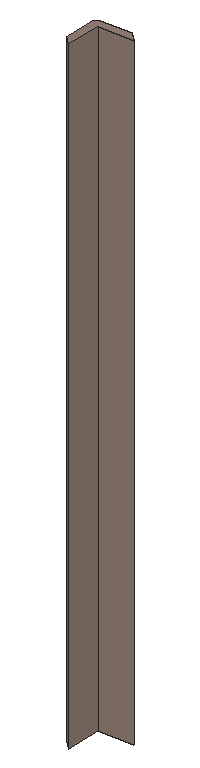
Revit family "GEN_A3-G-Corner-Protector-PVC", category Generic Models, Revit 2015
Parameters (values of type "G Corner Protector")
  Model = "CP"
  Manufacturer = "Marley"
  Description = "1.5m PVC Corner Protector fixed to wall"
  Assembly Code = ""
Types (2): name
  Corner Protector
  G Corner Protector
Reference planes
  plane 1 "Center (Front/Back)": y = 0
  plane 2: z = 0
  plane 3 "Center (Left/Right)": x = 0
Forms (mm)
  Extrusion 1, solid, material "Default"
    sketch origin (26.694, -23.306, 0) x (1, 0, 0) y (0, 1, 0)
      loop
        line (28.306, 53.306) -> (-46.694, 53.306)
        arc (-46.694, 53.306) -> (-53.765, 50.377) -> (-56.694, 43.306) r 10
        line (-56.694, 43.306) -> (-56.694, -31.694) -> (-36.694, -51.694) -> (-36.694, 33.306) -> (48.306, 33.306) -> (28.306, 53.306)
    from 0 to 1500
Dimensions and locks
  Extrusion 1 to level = 1500 mm
